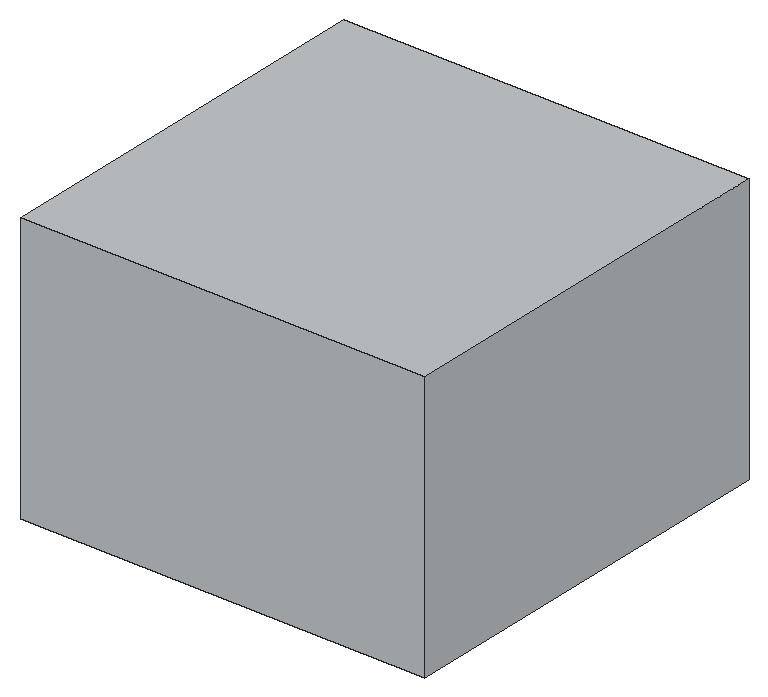
Revit family "LD_Ventilation Fan Unit", category Mechanical Equipment, Revit 2025
Family settings
  Round Connector Dimension = Use Diameter
  Part Type = Normal
  OmniClass Number = 23.75.00.00
  OmniClass Title = Climate Control (HVAC)
  Work Plane-Based = No
  Always vertical = Yes
  Cut with Voids When Loaded = No
  Maintain Annotation Orientation = No
  Shared = No
  Room Calculation Point = No
Parameters (values of type "5.5 kW")
  EL Voltage [instance] = 400 V
  EL Number of Poles [instance] = 3
  EL Apparent Load [instance] = 6500 VA
  Default Elevation = 0 mm
Reference planes
  plane 1 "Center (Front/Back)": y = 0
  plane 2: z = 0
  plane 3 "Center (Left/Right)": x = 0
Forms (mm)
  Extrusion 1, solid, material "Fan Galvanized"
    sketch origin (0, 0, 0) x (1, 0, 0) y (0, 1, 0)
      loop
        line (-600, -600) -> (600, -600) -> (600, 600) -> (-600, 600) -> (-600, -600)
    from 0 to 800
Dimensions and locks
  aligned and locked: level to plane 2
Connectors
  electrical at (0, 0, 800), driven by "EL Voltage", driven by "EL Number of Poles", driven by "EL Apparent Load"
    settings: on Extrusion 1, index 1, voltage 400 V, apparent load 6500 VA, apparent load phase1 0 VA, apparent load phase2 0 VA, apparent load phase3 0 VA, power factor 0.85, load classification "Other", number of poles 3, system type 30, power factor state 1, is connector primary yes, connector utility no, sub classification motor no, connector description ""
